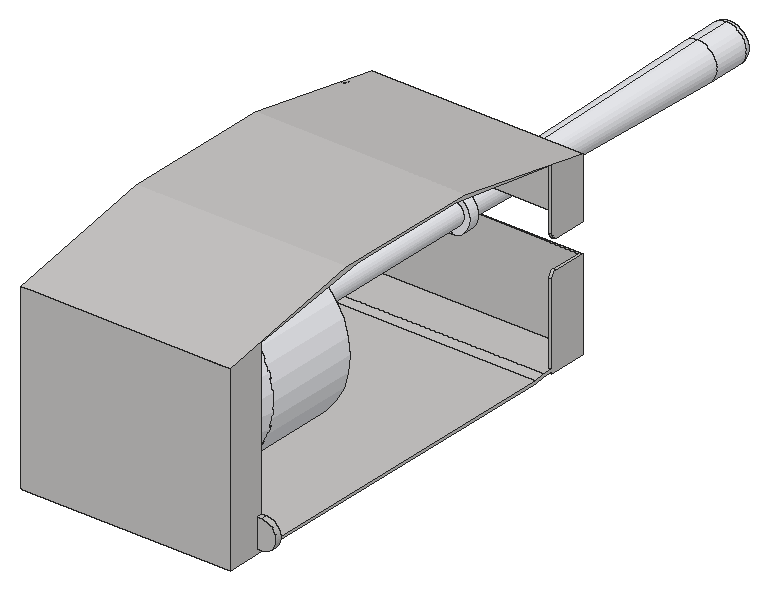
Revit family "PRD_FrankeWS_TltBrshHldrs_ToiletBrushHolder_STRX687", category Specialty Equipment, host Face, Revit 2018
Family settings
  Host = Face
  Round Connector Dimension = Use Diameter
  Part Type = Normal
  OmniClass Number = 23.40.00.00
  OmniClass Title = Equipment and Furnishings
  Cut with Voids When Loaded = No
  Shared = No
  Room Calculation Point = No
Parameters (values of type "STRX687")
  WarrantyStartDate [instance] = "1900-12-31T23:59:59"
  WarrantyGuarantorParts = "n/a"
  WarrantyGuarantorLabor = "n/a"
  WarrantyDurationUnit = "year"
  WarrantyDurationParts = "n/a"
  WarrantyDurationLabor = "n/a"
  WarrantyDescription = "n/a"
  WC_Brush_E_STRX687 [instance] = not(WC_Brush_E_BS686)  # no
  WC_Brush_E_BS686 [instance] = yes
  Version = "1"
  Uniclass2015Version = "Products v1.10"
  Uniclass2015Title = "Toilet brush holders"
  Uniclass2015Code = "Pr_40_20_76_86"
  URL = "www.kwc.com"
  ToiletBrushHolderMaterial = PRD_AR_StainlessSteel_SatinFinished
  TagNumber [instance] = "n/a"
  SustainabilityPerformance = "n/a"
  SurfaceTreatment = "InoxPlus (anti fingerprint)"
  Style = "Toilet brush holder"
  Size = "110x230x110 mm"
  Shape = "n/a"
  SerialNumber [instance] = "n/a"
  Revision = "n/a"
  ReplacementCost = "n/a"
  ProductInformation = "https://pim.kwc.com/product/2000057403/attachment/datasheet?locale=en"
  NominalWidth = 110.00 mm
  NominalLength = 110.00 mm
  NominalHeight = 230.00 mm
  NominalDepth = 110.00 mm
  NetWeight = 0.90 kg
  Name = "STRATOS Toilet brush holder STRX687"
  NBSTypeID = "n/a"
  NBSReference = "45-35-72/364"
  NBSOfficeMasterTag = "n/a"
  NBSNote = "n/a"
  NBSDescription = "Toilet brush holders"
  NBSCertification = "n/a"
  ModelReference = "STRX687"
  ModelNumber = "2000057403"
  Model = ModelReference  # "STRX687"
  Material = "Stainless steel"
  ManufacturerURL = "www.kwc.com"
  ManufacturerName = "KWC Group AG"  # constant formula
  Manufacturer = ManufacturerName  # "KWC Group AG"
  MainColor = "Stainless steel"
  IntegralAccessories = "White nylon brush with flushing rim cleaner. Stainless steel screws and dowels incl."
  InstallationDate [instance] = "1900-12-31T23:59:59"
  IfcExportType = "NOTDEFINED"
  IfcExportAs = "IfcFurnitureType"
  GrossWeight = 1.23 kg
  Grade = "n/a"
  Form = "Wall mounted"
  FinishAndColour = "Stainless steel, satin finished"
  Finish = "Satin finished"
  Features = "stainless steel, 1.50 mm, satin finished, wall mounting, 110x230x110 mm (WxHxD)"
  ExpectedLife = "n/a"
  DurationUnit = "year"
  Description = "Toilet brush holder for wall mounting, stainless steel, surface satin finished, front with InoxPlus surface refinement for the reduction of finger marks and better cleaning characteristics (easy to clean), material thickness 1.5 mm, curved front cover, white nylon brush with flushing rim cleaner, withdrawal opening either left or right, depending on mounting, removable plastic drop tray, incl. stainless steel screws and dowels."
  Default Elevation = 100.00 mm
  CreatedOn = "12/2018"  # constant formula
  Constituents = "White nylon brush with flushing rim cleaner"
  Color = "Stainless steel"
  CodePerformance = "n/a"
  Category = "Pr_40_20_76_86, Toilet brush holders"
  BrushMaterialWhite = PRD_AR_ToiletBrushWhite
  BrushMaterialBlack = PRD_AR_ToiletBrushBlack
  BarCode [instance] = "n/a"
  BIMObjectName = "PRD_AR_ToiletBrushHolders_ToiletBrushHolder_STRX687"
  Author = "Archispace"  # constant formula
  AssetType = "Fixed"
  AssetIdentifier [instance] = "n/a"
  AccessibilityPerformance = "n/a"
Reference planes
  plane 1 "Center (Front/Back)": y = 0
  plane 2: z = 0
  plane 3 "Center (Left/Right)": x = 0
Forms (mm)
  Extrusion 1, solid, material "PRD_AR_StainlessSteel_SatinFinished" <- "ToiletBrushHolderMaterial", detail levels fine
    sketch origin (0, 0, 0) x (0, 1, 0) y (0, 0, 1)
      loop
        line (0, 94.429) -> (0, 0) -> (20, 0) -> (20, 0.8) -> (0.8, 0.8) -> (0.8, 93.097)
        arc (0.8, 93.097) -> (115, 109) -> (229.2, 93.097) r 418
        line (229.2, 93.097) -> (229.2, 0.8) -> (210, 0.8) -> (210, 0) -> (230, 0) -> (230, 94.429)
        arc (230, 94.429) -> (115, 110.5) -> (0, 94.429) r 419.5
    from -55 to 55
  Extrusion 2, solid, material "PRD_AR_StainlessSteel_SatinFinished" <- "ToiletBrushHolderMaterial", detail levels fine
    sketch origin (0, 0, 0) x (0, 1, 0) y (0, 0, 1)
      loop
        line (0, 93.929) -> (0, 0) -> (20, 0) -> (20, 99.102)
        arc (20, 99.102) -> (9.968, 96.639) -> (0, 93.929) r 419.5
      loop
        line (210, 99.102) -> (210, 65.5)
        arc (210, 65.5) -> (210.879, 63.379) -> (213, 62.5) r 3
        line (213, 62.5) -> (230, 62.5) -> (230, 93.929)
        arc (230, 93.929) -> (220.032, 96.639) -> (210, 99.102) r 419.5
      loop
        line (210, 0) -> (230, 0) -> (230, 47.5) -> (213, 47.5)
        arc (213, 47.5) -> (210.879, 46.621) -> (210, 44.5) r 3
        line (210, 44.5) -> (210, 0)
    from 55 to 53.5
  Extrusion 3, solid, material "PRD_AR_StainlessSteel_SatinFinished" <- "ToiletBrushHolderMaterial", detail levels fine
    sketch origin (0, 0, 0) x (0, 1, 0) y (0, 0, -1)
      loop
        arc (0, -93.929) -> (9.968, -96.639) -> (20, -99.102) r 419.5
        line (20, -99.102) -> (20, 0) -> (0, 0) -> (0, -93.929)
      loop
        arc (210, -99.102) -> (220.032, -96.639) -> (230, -93.929) r 419.5
        line (230, -93.929) -> (230, 0) -> (210, 0) -> (210, -99.102)
    from 55 to 53.5
  Extrusion 4, solid, material "PRD_AR_StainlessSteel_SatinFinished" <- "ToiletBrushHolderMaterial", detail levels fine
    sketch origin (0, 0, 0) x (0, 1, 0) y (0, 0, 1)
      loop
        line (199.5, 1.5) -> (30.5, 1.5) -> (25.167, 2.3) -> (0.8, 2.3) -> (0.8, 0.8) -> (25.055, 0.8) -> (30.388, 0) -> (199.612, 0) -> (204.945, 0.8) -> (229.2, 0.8) -> (229.2, 2.3) -> (204.833, 2.3) -> (199.5, 1.5)
    from -55 to 55
  Revolve 5, solid, material "PRD_AR_ToiletBrushWhite" <- "BrushMaterialWhite", visible <- "WC_Brush_E_BS686", detail levels fine
    sketch origin (0, 0, 0) x (0, 1, 0) y (0, 0, 1)
      loop
        arc (43.5, 97.5) -> (15.216, 85.784) -> (3.5, 57.5) r 40
        line (3.5, 57.5) -> (3.5, 55) -> (397, 55) -> (397, 61.206)
        arc (397, 61.206) -> (395.813, 64.05) -> (392.957, 65.206) r 4
        line (392.957, 65.206) -> (374, 65) -> (218, 61.5) -> (218, 65) -> (213, 65) -> (213, 61.5) -> (107.887, 61.5)
        arc (107.887, 61.5) -> (101.368, 63.917) -> (98, 70) r 10
        line (98, 70) -> (93.5, 70) -> (93.5, 97.5) -> (43.5, 97.5)
      axis (3.5, 55) -> (397, 55)
    angle from 0 to 360
  Extrusion 6, void
    sketch origin (0, 0, 0) x (1, 0, 0) y (0, 0, 1)
      loop
        line (55, 62.5) -> (0, 62.5)
        arc (0, 62.5) -> (-7.5, 55) -> (0, 47.5) r 7.5
        line (0, 47.5) -> (55, 47.5) -> (55, 62.5)
    from -246.513 to -199.291
  Extrusion 7, solid, material "PRD_AR_StainlessSteel_SatinFinished" <- "ToiletBrushHolderMaterial", detail levels fine
    sketch origin (0, 0, 0) x (1, 0, 0) y (0, 0, 1)
      loop
        line (-57.741, 3) -> (57.741, 3)
        spline (57.741, 3) -> (59.657, 3.252) -> (61.442, 3.991) -> (62.976, 5.167) -> (64.154, 6.7) -> (64.896, 8.485) -> (65.15, 10.4) -> (64.9, 12.315) -> (64.163, 14.1) -> (62.989, 15.633) -> (61.458, 16.809) -> (59.674, 17.548) -> (57.759, 17.8)
        line (57.759, 17.8) -> (55, 17.8) -> (55, 98.35) -> (-55, 98.35) -> (-55, 17.8) -> (-57.759, 17.8)
        spline (-57.759, 17.8) -> (-59.674, 17.548) -> (-61.458, 16.809) -> (-62.989, 15.633) -> (-64.163, 14.1) -> (-64.9, 12.315) -> (-65.15, 10.4) -> (-64.896, 8.485) -> (-64.154, 6.7) -> (-62.976, 5.167) -> (-61.442, 3.991) -> (-59.657, 3.252) -> (-57.741, 3)
      loop
        line (50.246, 5.005) -> (50.246, 94.429) -> (-50.246, 94.429) -> (-50.246, 5.005) -> (50.246, 5.005)
    from -17 to -20
  Extrusion 8, solid, material "PRD_AR_StainlessSteel_SatinFinished" <- "ToiletBrushHolderMaterial", detail levels fine
    sketch origin (0, 0, 0) x (1, 0, 0) y (0, 0, 1)
      loop
        line (-55, 3) -> (55, 3) -> (55, 107.513) -> (-55, 107.513) -> (-55, 3)
      loop
        line (50.246, 5.005) -> (50.246, 94.429) -> (-50.246, 94.429) -> (-50.246, 5.005) -> (50.246, 5.005)
    from -17 to 0
  Extrusion 9, void
    sketch origin (0, 0, 0) x (0, 1, 0) y (0, 0, 1)
      loop
        line (17, 98.892) -> (17, 107.513) -> (0, 107.513) -> (0, 94.429)
        arc (0, 94.429) -> (8.477, 96.75) -> (17, 98.892) r 419.5
    from -55 to 55
  Extrusion 10, solid, material "PRD_AR_StainlessSteel_SatinFinished" <- "ToiletBrushHolderMaterial", detail levels medium
    sketch origin (0, 0, 0) x (0, 1, 0) y (0, 0, 1)
      loop
        line (0, 0) -> (230, 0) -> (230, 94.429)
        arc (230, 94.429) -> (115, 110.5) -> (0, 94.429) r 419.5
        line (0, 94.429) -> (0, 0)
    from -55 to 55
  Extrusion 11, solid, material "PRD_AR_ToiletBrushWhite" <- "BrushMaterialWhite", visible <- "WC_Brush_E_BS686", detail levels medium
    sketch origin (0, 0, 0) x (1, 0, 0) y (0, 0, 1)
      loop
        circle (0, 55) r 7.5
    from -397 to -230
  Extrusion 12, solid, material "PRD_AR_StainlessSteel_SatinFinished" <- "ToiletBrushHolderMaterial", detail levels coarse
    sketch origin (0, 0, 0) x (0, 1, 0) y (0, 0, 1)
      loop
        line (397, 0) -> (397, 110.5) -> (0, 110.5) -> (0, 0) -> (397, 0)
    from -55 to 55
  Revolve 13, solid, material "PRD_AR_StainlessSteel_SatinFinished" <- "ToiletBrushHolderMaterial", visible <- "WC_Brush_E_STRX687", detail levels fine
    sketch origin (0, 0, 0) x (0, 1, 0) y (0, 0, 1)
      loop
        line (374, 55) -> (374, 65) -> (218, 61.5) -> (218, 55) -> (374, 55)
      axis (218, 55) -> (374, 55)
    angle from 0 to 360
  Extrusion 14, solid, material "PRD_AR_StainlessSteel_SatinFinished" <- "ToiletBrushHolderMaterial", visible <- "WC_Brush_E_STRX687", detail levels medium
    sketch origin (0, 0, 0) x (1, 0, 0) y (0, 0, 1)
      loop
        circle (0, 55) r 7.5
    from -397 to -230
  Revolve 15, solid, material "PRD_AR_ToiletBrushBlack" <- "BrushMaterialBlack", visible <- "WC_Brush_E_STRX687", detail levels fine
    sketch origin (0, 0, 0) x (0, 1, 0) y (0, 0, 1)
      loop
        arc (43.5, 97.5) -> (15.216, 85.784) -> (3.5, 57.5) r 40
        line (3.5, 57.5) -> (3.5, 55) -> (218, 55) -> (218, 65) -> (213, 65) -> (213, 61.5) -> (107.887, 61.5)
        arc (107.887, 61.5) -> (101.368, 63.917) -> (98, 70) r 10
        line (98, 70) -> (93.5, 70) -> (93.5, 97.5) -> (43.5, 97.5)
      loop
        line (397, 55) -> (397, 61.206)
        arc (397, 61.206) -> (395.813, 64.05) -> (392.957, 65.206) r 4
        line (392.957, 65.206) -> (374, 65) -> (374, 55) -> (397, 55)
      axis (3.5, 55) -> (397, 55)
    angle from 0 to 360
Cuts and joins
  Extrusion 6 cuts Extrusion 1
  Extrusion 6 cuts Extrusion 2
  Extrusion 9 cuts Extrusion 8
  joined: Extrusion 1, Extrusion 2, Extrusion 3, Extrusion 4, Extrusion 7, Extrusion 8
Dimensions and locks
  aligned and locked: plane 2 to host face
  aligned and locked: level to host face
